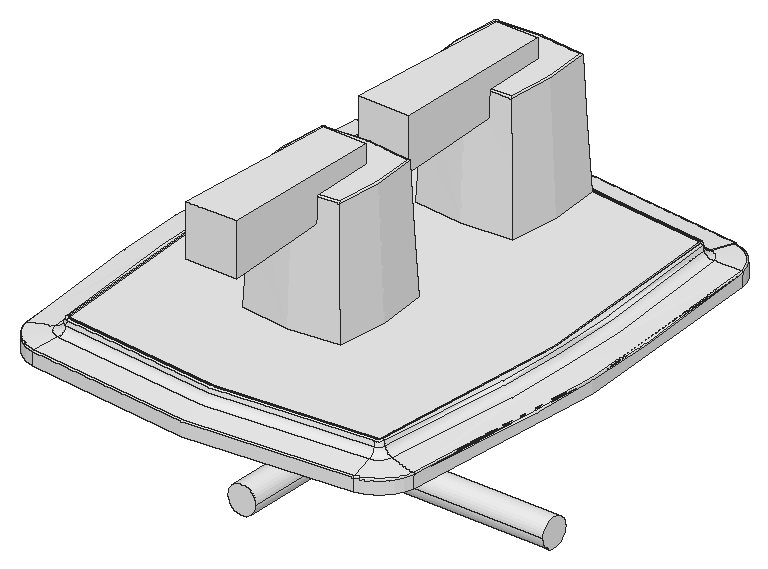
Revit family "Two_Handle-Thermostatic_Valve-American_Standard-Townsend-T353.740", category Plumbing Fixtures, host Face, Revit 2018
Family settings
  Host = Face
  Round Connector Dimension = Use Radius
  Part Type = Normal
  OmniClass Number = 23.45.05.14.17
  OmniClass Title = Showers
  Cut with Voids When Loaded = No
  Shared = Yes
  Room Calculation Point = No
Parameters (values of type "T353.740.002")
  Width = 7 1/2"
  Waste Connection = no
  WFU = 4  # constant formula
  Vent Connection = no
  Valve = yes
  URL = "http://www.americanstandard-us.com/"
  Type Comments = ""
  Shower = no
  Product Page URL = "https://www.americanstandard-us.com/bathroom/shower-faucets/townsend-two-handle-thermostatic-valve-trim-kit-24111"
  Product Documentation Link = "https://www.americanstandard-us.com/-/media/sites/asus/files/product-specs/bulk/specsheett353740.pdf?la=en"
  Price = "Prices may vary. Please consult Manufacturer Representative for most up-to-date price list."  # constant formula
  NPT Connection Size = 1/2"
  NPT Connection Radius = NPT Connection Size / 2  # 1/4"
  Model = "T353.740.002"
  Material = "Brass-American Standard-002-Polished Chrome"
  Manufacturer = "American Standard"
  Length = 9"
  Hot Water Connection Radius = 1/4"
  Hot Water Connection Height = 39"
  Hot Water Connection Diameter = Hot Water Connection Radius * 2  # 1/2"
  Height = 74"
  HWFU = 3  # constant formula
  HW Connection = yes
  Finish = Brass-American Standard-002-Polished Chrome
  Description = "Townsend Pressure Balance Bath/Shower Fitting"
  Default Elevation = 0"
  Creation Date = "02/09/2021"  # constant formula
  Cold Water Connection Radius = 1/4"
  Cold Water Connection Height = Hot Water Connection Height  # 39"
  Cold Water Connection Diameter = Cold Water Connection Radius * 2  # 1/2"
  CWFU = 3  # constant formula
  CW Connection = yes
  Bath = no
  Assembly Code = "D2020300"
  ADA Compliant = yes
Reference planes (in)
  plane 1 "Center (Front/Back)": y = -43
  plane 2: z = 0
  plane 3 "Center (Left/Right)": x = 0
  plane 4: y = 31
  plane 5: y = -22
  plane 6: y = -2.125
  plane 7: y = 36.375
  plane 8: y = -0.25
  plane 9: y = -9.375
  plane 10: x = 3.6875
  plane 11: x = -3.75
  plane 12: y = -5.47536
  plane 13: z = 7.25
  plane 14: z = 6.5
  plane 15: z = 9
  plane 16: y = 37.625
  plane 17: y = 35.125
  plane 18: x = 1.25
  plane 19: x = -1.25
  plane 20: x = 3.0625
  plane 21: x = -3.0625
  plane 22: through (0, 33.15689, 6.82874) normal (0, -0.7071, -0.7071)
  plane 23: through (0, 35.50743, 8.80922) normal (0, 0.7071, 0.7071)
  plane 24: through (0, 31.1764, 4.4782) normal (0, 0.7071, 0.7071)
  plane 25: z = -1.625
  plane 26: y = -6
Forms (in)
  Extrusion 1, solid, material "Brass-American Standard-002-Polished Chrome", visible <- "Valve"
    sketch origin (0, -43, -1.30225) x (1, 0, 0) y (0, 0, 1)
      loop
        circle (0, -0.31947) r 0.25
    from -42.03882 to -34.98231
  Sweep 2, solid, material "Brass-American Standard-002-Polished Chrome" <- "Finish"
    path origin (0, 0, 0) x (1, 0, 0) y (0, 1, 0)
      loop
        arc (2.88678, -0.51588) -> (-0.0056, -0.24971) -> (-2.89597, -0.53695) r 15.24508
        arc (-2.89597, -0.53695) -> (-3.2769, -0.73805) -> (-3.48437, -1.11555) r 0.75
        arc (-3.48437, -1.11555) -> (-3.75059, -4.81231) -> (-3.48463, -8.50908) r 25.81208
        arc (-3.48463, -8.50908) -> (-3.27755, -8.90255) -> (-2.88408, -9.10963) r 0.75
        arc (-2.88408, -9.10963) -> (0, -9.375) -> (2.88408, -9.10963) r 15.805
        arc (2.88408, -9.10963) -> (3.27755, -8.90255) -> (3.48463, -8.50908) r 0.75
        arc (3.48463, -8.50908) -> (3.75059, -4.81231) -> (3.48437, -1.11555) r 25.81208
        arc (3.48437, -1.11555) -> (3.2769, -0.73805) -> (2.89597, -0.53695) r 0.75
    profile origin (-0.0056, -0.24971, 0) x (0.003643, -0.999993, 0) y (0, 0, 1)
      loop
        line (0, 0.22952) -> (0, 0) -> (0.69728, 0) -> (0.69728, 0.52286) -> (0.66306, 0.52286)
        arc (0.66306, 0.52286) -> (0.64773, 0.51773) -> (0.63857, 0.5044) r 0.02548
        line (0.63857, 0.5044) -> (0.61648, 0.42741)
        arc (0.61648, 0.42741) -> (0.55943, 0.33958) -> (0.46303, 0.29867) r 0.17912
        line (0.46303, 0.29867) -> (0.02037, 0.25214)
        arc (0.02037, 0.25214) -> (0.00584, 0.24474) -> (0, 0.22952) r 0.02274
  Sweep 3, solid, material "Brass-American Standard-002-Polished Chrome" <- "Finish"
    path origin (0, 1.875, 0) x (1, 0, 0) y (0, 1, 0)
      loop
        arc (-0.88462, -3.12142) -> (-0.96875, -4.01192) -> (-0.88462, -4.90243) r 4.75488
        arc (-0.88462, -4.90243) -> (0, -4.98825) -> (0.88462, -4.90243) r 4.60185
        arc (0.88462, -4.90243) -> (0.96875, -4.01192) -> (0.88462, -3.12142) r 4.75488
        arc (0.88462, -3.12142) -> (0, -3.03786) -> (-0.88462, -3.12142) r 4.72444
    profile origin (0, -1.16286, 0) x (0, 1, 0) y (0, 0, 1)
      loop
        arc (-0.11613, 2.89121) -> (-0.12442, 2.90965) -> (-0.14317, 2.9172) r 0.02707
        line (-0.14317, 2.9172) -> (-0.66785, 2.9172) -> (-0.66785, 0.68698) -> (-0.00948, 0.68698)
        arc (-0.00948, 0.68698) -> (-0.06761, 1.78886) -> (-0.11613, 2.89121) r 126.61417
  Extrusion 4, solid, material "Brass-American Standard-002-Polished Chrome" <- "Finish"
    sketch origin (0, 1.875, 0) x (1, 0, 0) y (0, 1, 0)
      loop
        circle (-0.00614, -4.01194) r 0.70609
    from 0 to 0.68698
  Extrusion 5, solid, material "Brass-American Standard-002-Polished Chrome", visible <- "Valve"
    sketch origin (0, -11, -1.30225) x (0, 1, 0) y (0, 0, 1)
      loop
        circle (5, -0.32281) r 0.25
    from -4 to 4
  Sweep 6, solid, material "Brass-American Standard-002-Polished Chrome" <- "Finish"
    path origin (0, -2, 0) x (1, 0, 0) y (0, 1, 0)
      loop
        arc (-0.88462, -3.12142) -> (-0.96875, -4.01192) -> (-0.88462, -4.90243) r 4.75488
        arc (-0.88462, -4.90243) -> (0, -4.98825) -> (0.88462, -4.90243) r 4.60185
        arc (0.88462, -4.90243) -> (0.96875, -4.01192) -> (0.88462, -3.12142) r 4.75488
        arc (0.88462, -3.12142) -> (0, -3.03786) -> (-0.88462, -3.12142) r 4.72444
    profile origin (0, -5.03786, 0) x (0, 1, 0) y (0, 0, 1)
      loop
        arc (-0.11613, 2.89121) -> (-0.12442, 2.90965) -> (-0.14317, 2.9172) r 0.02707
        line (-0.14317, 2.9172) -> (-0.66785, 2.9172) -> (-0.66785, 0.68698) -> (-0.00948, 0.68698)
        arc (-0.00948, 0.68698) -> (-0.06761, 1.78886) -> (-0.11613, 2.89121) r 126.61417
  Blend 7, solid, material "Brass-American Standard-002-Polished Chrome" <- "Finish"
    base sketch origin (4.0526, -5.00304, 0) x (1, 0, 0) y (0, 0, 1)
      loop
        line (-3.6776, 3.23802) -> (-4.4276, 3.23802) -> (-4.4276, 2.48802) -> (-3.6776, 2.48802) -> (-3.6776, 3.23802)
    top sketch origin (4.0526, -5.00304, 0) x (1, 0, 0) y (0, 0, 1)
      loop
        line (-4.50573, 3.33035) -> (-4.50573, 2.40704) -> (-3.59948, 2.40704) -> (-3.59948, 3.33035) -> (-4.50573, 3.33035)
    from 0.70267 to 3.70267
  Blend 8, solid, material "Brass-American Standard-002-Polished Chrome" <- "Finish"
    base sketch origin (4.0526, -1.12804, 0) x (1, 0, 0) y (0, 0, 1)
      loop
        line (-3.6776, 3.23802) -> (-4.4276, 3.23802) -> (-4.4276, 2.48802) -> (-3.6776, 2.48802) -> (-3.6776, 3.23802)
    top sketch origin (4.0526, -1.12804, 0) x (1, 0, 0) y (0, 0, 1)
      loop
        line (-4.50573, 3.33035) -> (-4.50573, 2.40704) -> (-3.59948, 2.40704) -> (-3.59948, 3.33035) -> (-4.50573, 3.33035)
    from 0.70267 to 3.70267
  Extrusion 9, solid, material "Brass-American Standard-002-Polished Chrome" <- "Finish"
    sketch origin (0, 0, 0) x (1, 0, 0) y (0, 1, 0)
      loop
        arc (2.79319, -1.20787) -> (-0.00243, -0.94698) -> (-2.7961, -1.22799) r 14.54781
        arc (-2.7961, -1.22799) -> (-3.05332, -4.82271) -> (-2.79338, -8.41723) r 25.11481
        arc (-2.79338, -8.41723) -> (0, -8.67772) -> (2.79338, -8.41723) r 15.10772
        arc (2.79338, -8.41723) -> (3.05332, -4.81254) -> (2.79319, -1.20787) r 25.11481
    from 0 to 0.52286
Dimensions and locks (in)
  plane 11 to plane 10 = 7 7/16"
  plane 8 to plane 9 = 9 1/8"
  plane 15 to host face = 9"
  plane 1 "Center (Front/Back)" to plane 4 to plane 16 = 74", 6 5/8"
  plane 4 to plane 17 = 4 1/8"
  plane 6 to plane 5 = 19 7/8"
  plane 25 to level = 1 5/8"
  plane 23 to plane 24 = 6 1/8"
  plane 13 to level = 7 1/4"
  plane 6 to plane 26 = 3 7/8"
  aligned and locked: plane 2 to host face
  aligned and locked: level to host face
